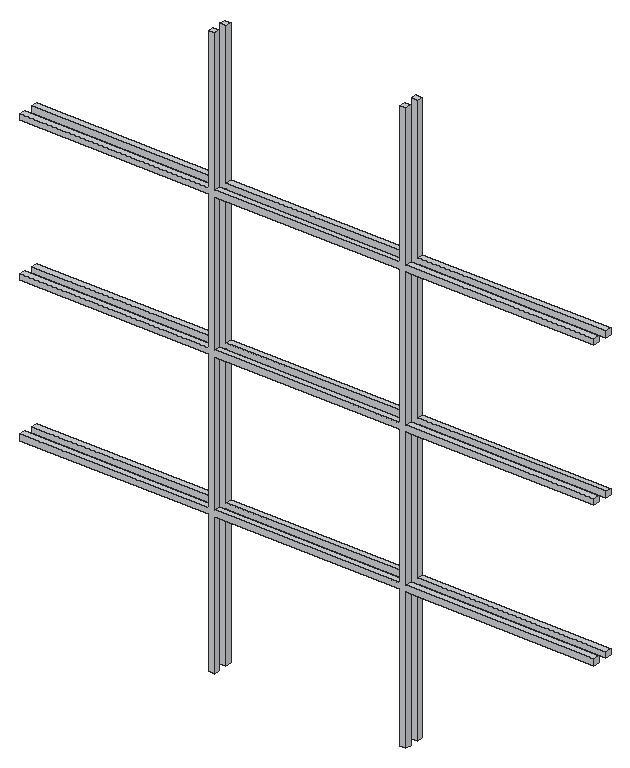
Revit family "57d3b0b690164665b67c8e457f00ed91", category Generic Models, Revit 2021
Family settings
  Can host rebar = No
  Round Connector Dimension = Use Diameter
  Part Type = Normal
  Work Plane-Based = No
  Always vertical = Yes
  Cut with Voids When Loaded = No
  Shared = Yes
  Room Calculation Point = No
Parameters
  Width [instance] = 4' - 0"
  Thickness = 0' - 0 1/2"
  Height [instance] = 4' - 0"
  Interior Material [instance] = none
  Exterior Material [instance] = none
  Distance = 0' - 0 3/4"
  Default Elevation = 0' - 0"
Reference planes (in)
  plane 1 "Center (Front/Back)": y = 0
  plane 2: z = 0
  plane 3 "Center (Left/Right)": x = 0
  plane 4: z = 48
  plane 5: x = -24
  plane 6: x = 24
  plane 7: z = 24
  plane 8 "a": y = 0.375
  plane 9 "b": y = -0.375
  plane 10: z = 36
  plane 11: z = 12
  plane 12: x = -8
  plane 13: x = 8
  plane 14: z = 36.25
  plane 15: z = 35.75
  plane 16: z = 12.25
  plane 17: z = 11.75
  plane 18: x = -8.25
  plane 19: x = -7.75
  plane 20: x = 7.75
  plane 21: x = 8.25
  plane 22: y = 0.875
  plane 23: y = -0.875
  plane 24: z = 24.25
  plane 25: z = 23.75
Forms (in)
  Extrusion 1, solid, material <- "Exterior Material", detail levels fine
    sketch origin (0, 0.375, 0) x (-1, 0, 0) y (0, 0, 1)
      loop
        line (24, 36.25) -> (8.25, 36.25) -> (8.25, 48) -> (7.75, 48) -> (7.75, 36.25) -> (-7.75, 36.25) -> (-7.75, 48) -> (-8.25, 48) -> (-8.25, 36.25) -> (-24, 36.25) -> (-24, 35.75) -> (-8.25, 35.75) -> (-8.25, 24.25) -> (-24, 24.25) -> (-24, 23.75) -> (-8.25, 23.75) -> (-8.25, 12.25) -> (-24, 12.25) -> (-24, 11.75) -> (-8.25, 11.75) -> (-8.25, 0) -> (-7.75, 0) -> (-7.75, 11.75) -> (7.75, 11.75) -> (7.75, 0) -> (8.25, 0) -> (8.25, 11.75) -> (24, 11.75) -> (24, 12.25) -> (8.25, 12.25) -> (8.25, 23.75) -> (24, 23.75) -> (24, 24.25) -> (8.25, 24.25) -> (8.25, 35.75) -> (24, 35.75) -> (24, 36.25)
      loop
        line (7.75, 35.75) -> (-7.75, 35.75) -> (-7.75, 24.25) -> (7.75, 24.25) -> (7.75, 35.75)
      loop
        line (7.75, 12.25) -> (7.75, 23.75) -> (-7.75, 23.75) -> (-7.75, 12.25) -> (7.75, 12.25)
    from 0 to 0.5
  Extrusion 2, solid, material <- "Interior Material", detail levels fine
    sketch origin (0, -0.375, 0) x (-1, 0, 0) y (0, 0, 1)
      loop
        line (24, 36.25) -> (8.25, 36.25) -> (8.25, 48) -> (7.75, 48) -> (7.75, 36.25) -> (-7.75, 36.25) -> (-7.75, 48) -> (-8.25, 48) -> (-8.25, 36.25) -> (-24, 36.25) -> (-24, 35.75) -> (-8.25, 35.75) -> (-8.25, 24.25) -> (-24, 24.25) -> (-24, 23.75) -> (-8.25, 23.75) -> (-8.25, 12.25) -> (-24, 12.25) -> (-24, 11.75) -> (-8.25, 11.75) -> (-8.25, 0) -> (-7.75, 0) -> (-7.75, 11.75) -> (7.75, 11.75) -> (7.75, 0) -> (8.25, 0) -> (8.25, 11.75) -> (24, 11.75) -> (24, 12.25) -> (8.25, 12.25) -> (8.25, 23.75) -> (24, 23.75) -> (24, 24.25) -> (8.25, 24.25) -> (8.25, 35.75) -> (24, 35.75) -> (24, 36.25)
      loop
        line (7.75, 35.75) -> (-7.75, 35.75) -> (-7.75, 24.25) -> (7.75, 24.25) -> (7.75, 35.75)
      loop
        line (7.75, 12.25) -> (7.75, 23.75) -> (-7.75, 23.75) -> (-7.75, 12.25) -> (7.75, 12.25)
    from 0 to -0.5
Lines and regions (in)
  model lines, detail levels medium
    curve 1: line (-8, 0.375, 48) -> (-8, 0.375, 0)
    curve 2: line (8, 0.375, 48) -> (8, 0.375, 0)
    curve 3: line (-24, 0.375, 36) -> (24, 0.375, 36)
    curve 4: line (-24, 0.375, 24) -> (24, 0.375, 24)
    curve 5: line (-24, 0.375, 12) -> (24, 0.375, 12)
    curve 6: line (-8, -0.375, 48) -> (-8, -0.375, 0)
    curve 7: line (8, -0.375, 48) -> (8, -0.375, 0)
    curve 8: line (-24, -0.375, 36) -> (24, -0.375, 36)
    curve 9: line (-24, -0.375, 24) -> (24, -0.375, 24)
    curve 10: line (-24, -0.375, 12) -> (24, -0.375, 12)
Dimensions and locks (in)
  equal spacing: plane 6, plane 3 "Center (Left/Right)", plane 5
  "Width": plane 6 to plane 5
  "Height": plane 4 to plane 2
  equal spacing: plane 8 "a", plane 1 "Center (Front/Back)", plane 9 "b"
  "Distance": plane 8 "a" to plane 9 "b"
  plane 16 to plane 11 to plane 17 = 0' - 0 1/4" locked, 0' - 0 1/4" locked
  locked: plane 14 to plane 10 at 0.25
  locked: plane 10 to plane 15 at 0.25
  plane 19 to plane 12 to plane 18 = 0' - 0 1/4" locked, 0' - 0 1/4" locked
  plane 21 to plane 13 to plane 20 = 0' - 0 1/4" locked, 0' - 0 1/4" locked
  equal spacing: plane 6, plane 13, plane 12, plane 5
  "Thickness": plane 22 to plane 8 "a"
  "Thickness": plane 9 "b" to plane 23
  locked: plane 24 to plane 7 at 0.25
  locked: plane 7 to plane 25 at 0.25
  equal spacing: plane 4, plane 10, plane 7, plane 11, plane 2
  aligned and locked: plane 2 to level
  aligned and locked: plane 4 to curve 2
  aligned and locked: plane 4 to curve 1
  aligned and locked: plane 5 to curve 3
  aligned and locked: plane 5 to curve 4
  aligned and locked: plane 5 to curve 5
  aligned and locked: plane 2 to curve 1
  aligned and locked: plane 2 to curve 2
  aligned and locked: plane 6 to curve 5
  aligned and locked: plane 6 to curve 4
  aligned and locked: plane 6 to curve 3
  aligned and locked: plane 10 to curve 3
  aligned and locked: plane 11 to curve 5
  aligned and locked: plane 12 to curve 1
  aligned and locked: plane 13 to curve 2
  aligned and locked: plane 14 to Extrusion 1 sketch curve  (x2)
  aligned and locked: plane 18 to Extrusion 1 sketch curve  (x2)
  aligned and locked: plane 5 to Extrusion 1 sketch curve  (x3)
  aligned and locked: plane 15 to Extrusion 1 sketch curve  (x2)
  aligned and locked: plane 16 to Extrusion 1 sketch curve  (x3)
  aligned and locked: plane 17 to Extrusion 1 sketch curve  (x2)
  aligned and locked: plane 4 to Extrusion 1 sketch curve
  aligned and locked: plane 19 to Extrusion 1 sketch curve
  aligned and locked: plane 20 to Extrusion 1 sketch curve  (x3)
  aligned and locked: plane 21 to Extrusion 1 sketch curve  (x3)
  aligned and locked: plane 6 to Extrusion 1 sketch curve  (x3)
  aligned and locked: level to Extrusion 1 sketch curve  (x2)
  aligned and locked: Extrusion 1 sketch curve to plane 24
  aligned and locked: Extrusion 1 sketch curve to plane 25
  aligned and locked: plane 24 to Extrusion 1 sketch curve
  aligned and locked: plane 25 to Extrusion 1 sketch curve
  aligned and locked: Extrusion 1 to plane 22
  aligned and locked: Extrusion 2 to plane 23
Automatic sketch dimensions
  curve 4 to plane 7 = 0' - 0"
  Extrusion 1 sketch curve to plane 21 = 0' - 0"
  Extrusion 1 sketch curve to plane 20 = 0' - 0"
  Extrusion 1 sketch curve to plane 19 = 0' - 0"  (x3)
  Extrusion 1 sketch curve to plane 17 = 0' - 0"
  Extrusion 1 sketch curve to plane 18 = 0' - 0"  (x2)
  Extrusion 1 sketch curve to plane 25 = 0' - 0"
  Extrusion 1 sketch curve to plane 24 = 0' - 0"
  Extrusion 1 sketch curve to plane 15 = 0' - 0"
  Extrusion 1 sketch curve to plane 14 = 0' - 0"
  Extrusion 1 sketch curve to plane 4 = 0' - 0"
  Extrusion 2 sketch curve to plane 6 = 0' - 0"  (x3)
  Extrusion 2 sketch curve to plane 17 = 0' - 0"  (x3)
  Extrusion 2 sketch curve to plane 21 = 0' - 0"  (x4)
  Extrusion 2 sketch curve to plane 16 = 0' - 0"  (x3)
  Extrusion 2 sketch curve to plane 4 = 0' - 0"  (x2)
  Extrusion 2 sketch curve to plane 20 = 0' - 0"  (x4)
  Extrusion 2 sketch curve to plane 14 = 0' - 0"  (x3)
  Extrusion 2 sketch curve to plane 15 = 0' - 0"  (x3)
  Extrusion 2 sketch curve to plane 19 = 0' - 0"  (x4)
  Extrusion 2 sketch curve to plane 18 = 0' - 0"  (x4)
  Extrusion 2 sketch curve to level = 0' - 0"  (x2)
  Extrusion 2 sketch curve to plane 5 = 0' - 0"  (x3)
  Extrusion 2 sketch curve to plane 25 = 0' - 0"  (x3)
  Extrusion 2 sketch curve to plane 24 = 0' - 0"  (x3)
  curve 8 to plane 6 = 0' - 0"
  curve 9 to plane 6 = 0' - 0"
  curve 10 to plane 6 = 0' - 0"
  curve 7 to plane 4 = 0' - 0"
  curve 7 to plane 13 = 0' - 0"
  curve 6 to level = 0' - 0"
  curve 6 to plane 12 = 0' - 0"
  curve 10 to plane 5 = 0' - 0"
  curve 9 to plane 5 = 0' - 0"
  curve 8 to plane 5 = 0' - 0"
  curve 7 to level = 0' - 0"
  curve 10 to plane 11 = 0' - 0"
  curve 9 to plane 7 = 0' - 0"
  curve 8 to plane 10 = 0' - 0"
  curve 6 to plane 4 = 0' - 0"
